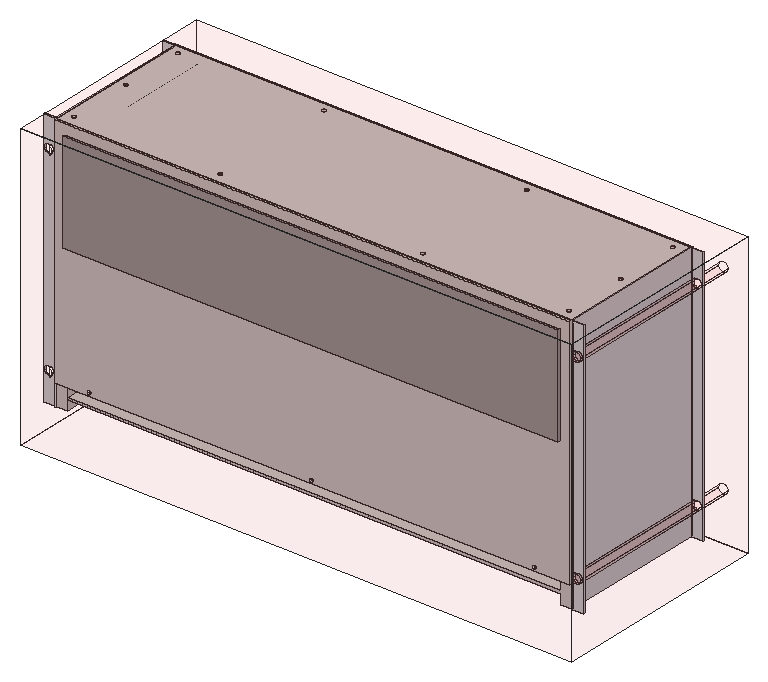
Revit family "Air-Curtain_Vestibule-Except_PoweredAire_CHA", category Mechanical Equipment, host Face, Revit 2023
Family settings
  Host = Face
  Round Connector Dimension = Use Diameter
  Part Type = Normal
  OmniClass Number = 23.75.35.17.21
  OmniClass Title = Air Curtains
  Cut with Voids When Loaded = No
  Maintain Annotation Orientation = No
  Shared = No
  Room Calculation Point = No
Parameters
  Unit Width Notes = "Other Widths available."  # constant formula
  Unit Width = 51.80"
  Unit Weight = 0
  Unit Height = 15.04"
  Unit Depth = 26.01"
  URL = "http://www.poweredaire.com/"
  Specification = ""
  Projection from Host [instance] = 2.00"
  Product Page URL = "https://www.arcat.com/company/powered-aire-inc-47623"
  Power Rating = 0 W
  Nozzle Width = if(1 = 1, Unit Width - 3.00", 0.00")  # 48.80"
  Mounting Width = if(1 = 1, Unit Width - 1.50", 0.00")  # 50.30"
  Mounting Height [instance] = 44.91"
  Motor RPM = 0
  Motor HP = 0
  Motor Count = 0
  Model = "CHA"
  Max Height = 0.00"
  Manufacturer = "Powered Aire, Inc"
  Keynote = "23 34 33"
  Include Clearance [instance] = yes
  Heating Element Load = 0 W
  HVAC_Temperature Rise = 0 °F
  HVAC_Outlet Volume = 0 CFM
  HVAC_Outlet Velocity Uniformity = 0
  HVAC_Outlet Velocity = 0 FPM
  Front Grating Material [instance] = Metal - Steel - PoweredAire - White Perforated
  Frame Finish [instance] = Metal - Steel - PoweredAire - Stainless 304
  Electrical_Wattage [instance] = Power Rating + Heating Element Load  # 0 W
  Electrical_Voltage [instance] = 0 V
  Electrical_Phase [instance] = 1
  Electrical_Frequency [instance] = 0 Hz
  Electrical_Amperage [instance] = 0 A
  Description = ""
  Default Elevation = 0.00"  # constant formula
  Cover Finish [instance] = Metal - Steel - PoweredAire - White
  Copyright = "©Arcat Inc."
  Clearance_Top [instance] = 3.25"
  Clearance_Side B [instance] = 3.1752"
  Clearance_Side A [instance] = 0.50"
  Clearance_Intake [instance] = 3.92354"
  Clearance_Front [instance] = 4.93628"
  Clearance Material [instance] = ARCAT Clearance
  CAD Details = ""
  Assembly Code = "D3090400"
Reference planes (in)
  plane 1 "Center (Elevation)": y = 10.8177
  plane 2: z = 0
  plane 3 "Center (Left/Right)": x = 0
  plane 4: y = 3.04818
  plane 5: z = 28.01
  plane 6 "FF": y = -41.86182
  plane 7: z = 2
  plane 8: x = 25.9
  plane 9: x = -25.9
  plane 10: z = 32.94628
  plane 11: y = 3.29818
  plane 12: y = 18.33722
  plane 13: y = 3.37845
  plane 14: y = 3.37725
  plane 15: x = 29.0752
  plane 16: y = 21.58722
  plane 17: y = -0.62536
  plane 18: x = -26.4
  plane 19: y = 2.99818
  plane 20: z = 28.06
  plane 21: y = 18.33818
Forms (in)
  Extrusion 1, solid, material "Metal - Steel - PoweredAire - Stainless 304"
    sketch origin (0, 10.8177, 0) x (1, 0, 0) y (0, 0, 1)
      loop
        line (25.9, 28.01) -> (-25.9, 28.01) -> (-25.9, 2) -> (25.9, 2) -> (25.9, 28.01)
    from -7.52048 to 7.51952
  Extrusion 2, solid, material "Metal - Steel - PoweredAire - Stainless 304"
    sketch origin (0, 0, 0) x (1, 0, 0) y (0, 1, 0)
      loop
        line (-25.9, 3.29818) -> (-25.9, 3.04818) -> (25.9, 3.04818) -> (25.9, 3.29818) -> (-25.9, 3.29818)
    from 4.25 to 28.01
  Extrusion 3, void
    sketch origin (0, -0.04688, -1) x (0, 1, 0) y (0, 0, 1)
      loop
        line (3.04818, 4) -> (3.04818, 3) -> (4.79818, 3) -> (4.79818, 5.25) -> (3.04818, 5.25) -> (3.04818, 4.25) -> (4.54818, 4.25) -> (4.54818, 4) -> (3.04818, 4)
    from -24.8 to 24.8
  Extrusion 4, solid
    sketch origin (0, 1.18246, 0) x (1, 0, 0) y (0, 1, 0)
      loop
        line (-25.9, 2.29092) -> (-25.9, 16.98052)
        arc (-25.9, 16.98052) -> (-25.95131, 17.10441) -> (-26.0752, 17.15572) r 0.1752
        line (-26.0752, 17.15572) -> (-27.15, 17.15572) -> (-27.15, 17.07572) -> (-26.0752, 17.07572)
        arc (-26.0752, 17.07572) -> (-26.00788, 17.04784) -> (-25.98, 16.98052) r 0.0952
        line (-25.98, 16.98052) -> (-25.98, 2.29119)
        arc (-25.98, 2.29119) -> (-26.00788, 2.22387) -> (-26.0752, 2.19599) r 0.0952
        line (-26.0752, 2.19599) -> (-27.15, 2.19599) -> (-27.15, 2.11572) -> (-26.0752, 2.11572)
        arc (-26.0752, 2.11572) -> (-25.95131, 2.16703) -> (-25.9, 2.29092) r 0.1752
      loop
        arc (25.9, 2.29092) -> (25.95131, 2.16703) -> (26.0752, 2.11572) r 0.1752
        line (26.0752, 2.11572) -> (27.15, 2.11572) -> (27.15, 2.1948) -> (26.0753, 2.1948)
        arc (26.0753, 2.1948) -> (26.00871, 2.22238) -> (25.98113, 2.28896) r 0.09417
        line (25.98113, 2.28896) -> (25.98113, 16.98006)
        arc (25.98113, 16.98006) -> (26.00885, 17.04699) -> (26.07578, 17.07471) r 0.09465
        line (26.07578, 17.07471) -> (27.15, 17.07471) -> (27.15, 17.15572) -> (26.07616, 17.15572)
        arc (26.07616, 17.15572) -> (25.95159, 17.10412) -> (25.9, 16.97956) r 0.17616
        line (25.9, 16.97956) -> (25.9, 2.29092)
    from 2 to 28.01
  Extrusion 5, solid, material "H1"
    sketch origin (0, 9.63572, -1.5) x (1, 0, 0) y (0, 0, 1)
      loop
        line (-24.9, 28.51) -> (-24.9, 18.36) -> (24.9, 18.36) -> (24.9, 28.51) -> (-24.9, 28.51)
    from 6.77683 to 6.58754
  Extrusion 6, solid, material "ARCAT Clearance"
    sketch origin (0, 0, 0) x (1, 0, 0) y (0, 1, 0)
      loop
        line (-26.4, 21.58722) -> (-26.4, -0.62536) -> (29.0752, -0.62536) -> (29.0752, 21.58722) -> (-26.4, 21.58722)
    from 0 to 28.64814
  Extrusion 7, void
    sketch origin (0, 10.8177, 0) x (1, 0, 0) y (0, 0, 1)
      loop
        circle (26.6126, 5) r 0.47
      loop
        circle (26.6126, 25.01) r 0.47
      loop
        circle (-26.6126, 5) r 0.47
      loop
        circle (-26.6126, 25.01) r 0.47
    from -16.24854 to 7.77
  Extrusion 8, solid, material "Metal - Steel - PoweredAire - White"
    sketch origin (0, 10.8177, 0) x (1, 0, 0) y (0, 0, 1)
      loop
        circle (0, 4.61) r 0.14
      loop
        circle (22.41054, 4.61) r 0.14
      loop
        circle (-22.41054, 4.61) r 0.14
    from 7.77 to 7.81952
  Extrusion 9, solid, material "ARCAT Clearance"
    sketch origin (0, 0, 0) x (1, 0, 0) y (0, 1, 0)
      loop
        circle (-24.9, 17.33818) r 0.2
      loop
        circle (-24.9, 10.8177) r 0.2
      loop
        circle (-24.9, 4.29818) r 0.2
      loop
        circle (24.9, 17.33818) r 0.2
      loop
        circle (24.9, 10.8177) r 0.2
      loop
        circle (24.9, 4.29818) r 0.2
      loop
        circle (-10.20137, 17.33818) r 0.2
      loop
        circle (-10.20137, 4.29818) r 0.2
      loop
        circle (10.20137, 17.33818) r 0.2
      loop
        circle (10.20137, 4.29818) r 0.2
    from 28.01 to 28.06
  Extrusion 10, solid, material "Metal - Steel - PoweredAire - Stainless 304"
    sketch origin (0, 0.06872, 0) x (1, 0, 0) y (0, 1, 0)
      loop
        line (-26.0752, 18.26946) -> (26.0752, 18.26946) -> (26.0752, 18.35115) -> (-26.0752, 18.35115) -> (-26.0752, 18.26946)
    from 2 to 28.01
  Extrusion 11, solid, material "Metal - Steel - PoweredAire - White"
    sketch origin (0, 10.8869, 0) x (1, 0, 0) y (0, 0, 1)
      loop
        circle (25.0752, 27.01) r 0.2
      loop
        circle (25.0752, 14.005) r 0.2
      loop
        circle (25.0752, 3) r 0.2
      loop
        circle (-11.0752, 27.01) r 0.2
      loop
        circle (-11.0752, 3) r 0.2
      loop
        circle (-25.0752, 3) r 0.2
      loop
        circle (-25.0752, 14.005) r 0.2
      loop
        circle (-25.0752, 27.01) r 0.2
      loop
        circle (11.0752, 27.01) r 0.2
      loop
        circle (11.0752, 3) r 0.2
    from -7.53297 to -7.58297
Cuts and joins
  Extrusion 3 cuts Extrusion 1
  Extrusion 7 cuts Extrusion 4
  Extrusion 7 cuts Extrusion 6
Dimensions and locks (in)
  "Mounting Height": plane 4 to plane 6 "FF"
  "Projection from Host": plane 7 to level
  "Unit Depth": plane 5 to plane 7
  "Clearance_Front": plane 10 to plane 5
  plane 5 to Extrusion 1 sketch curve = 0.00"
  Extrusion 1 sketch curve to plane 7 = 0.00"
  locked: plane 11 to plane 4 at 0.25
  Extrusion 3 sketch curve to Extrusion 3 sketch curve to Extrusion 3 sketch curve to Extrusion 3 sketch curve = 1.00" locked, 0.25" locked, 1.00" locked
  locked: Extrusion 4 to plane 9 at 1.25
  locked: plane 8 to Extrusion 4 at 1.25
  locked: plane 13 to plane 11 at 0.08027
  locked: plane 14 to plane 11 at 0.07908
  locked: Extrusion 5 to Extrusion 5 at 0.18928
  locked: Extrusion 5 to Extrusion 5 at 10.15
  locked: Extrusion 5 to plane 9 at 1
  locked: plane 8 to Extrusion 5 at 1
  locked: Extrusion 2 to Extrusion 5 at 1
  locked: cut or joined group of Extrusion 1, Extrusion 3 to plane 9 at 1.1
  locked: plane 8 to cut or joined group of Extrusion 1, Extrusion 3 at 1.1
  equal spacing: plane 12, plane 1 "Center (Elevation)", plane 11
  "Clearance_Top": plane 12 to plane 16
  "Clearance_Intake": plane 11 to plane 17
  "Clearance_Side A": plane 18 to plane 9
  "Clearance_Side B": plane 8 to plane 15
  "Unit Width": plane 9 to plane 8
  equal spacing: plane 9, plane 3 "Center (Left/Right)", plane 8
  plane 11 to Extrusion 8 = 0.30"
  plane 4 to plane 19 = 0.05"
  plane 20 to plane 5 = 0.05"
  "Unit Height": plane 21 to plane 11
  locked: Extrusion 10 to Extrusion 10 at 0.08169
  locked: plane 21 to Extrusion 11 at 0.13169
  aligned and locked: plane 2 to host face
  aligned and locked: level to host face
  aligned and locked: plane 8 to Extrusion 2
  aligned and locked: Extrusion 4 to plane 8
  aligned and locked: plane 9 to Extrusion 4
  aligned and locked: plane 11 to Extrusion 2
  aligned and locked: Extrusion 2 to plane 4
  aligned and locked: Extrusion 2 to Extrusion 4
  aligned and locked: Extrusion 2 to cut or joined group of Extrusion 1, Extrusion 3  (x2)
  aligned and locked: plane 11 to Extrusion 4 sketch curve
  aligned and locked: Extrusion 4 sketch curve to plane 11
  aligned and locked: Extrusion 4 to plane 13
  aligned and locked: Extrusion 4 to plane 14
  aligned and locked: Extrusion 4 to plane 7
  aligned and locked: Extrusion 4 to cut or joined group of Extrusion 1, Extrusion 3
  aligned and locked: cut or joined group of Extrusion 1, Extrusion 3 to Extrusion 2
  aligned and locked: Extrusion 6 sketch curve to plane 16
  aligned and locked: plane 17 to Extrusion 6 sketch curve
  aligned and locked: plane 15 to Extrusion 6 sketch curve
  aligned and locked: Extrusion 6 to plane 17
  aligned and locked: plane 16 to Extrusion 6
  aligned and locked: plane 18 to Extrusion 6
  aligned and locked: Extrusion 6 to plane 15
  aligned and locked: Extrusion 5 to Extrusion 2
  aligned and locked: Extrusion 8 to plane 19
  aligned and locked: Extrusion 9 to cut or joined group of Extrusion 1, Extrusion 3
  aligned and locked: Extrusion 9 to plane 20
  aligned and locked: Extrusion 11 to Extrusion 10  (x2)
  aligned and locked: plane 21 to Extrusion 10  (x2)
  aligned and locked: Extrusion 1 to Extrusion 10
  aligned and locked: cut or joined group of Extrusion 1, Extrusion 3 to plane 21
  aligned and locked: cut or joined group of Extrusion 4, Extrusion 7 to Extrusion 10
  aligned and locked: Extrusion 10 to cut or joined group of Extrusion 4, Extrusion 7
  aligned and locked: Extrusion 4 sketch curve to plane 21
  aligned and locked: Extrusion 10 to Extrusion 11
  aligned and locked: Extrusion 10 to cut or joined group of Extrusion 1, Extrusion 3
Automatic sketch dimensions
  host sketch curve to host sketch curve = 96.00"  (x2)
  Extrusion 1 sketch curve to plane 9 = 0.00"
  Extrusion 1 sketch curve to plane 8 = 0.00"
  Extrusion 2 sketch curve to plane 9 = 0.00"
  Extrusion 2 sketch curve to plane 4 = 0.00"
  Extrusion 2 sketch curve to plane 8 = 0.00"
  Extrusion 2 sketch curve to plane 11 = 0.00"
  Extrusion 3 sketch curve to plane 7 = 0.00"
  plane 19 to Extrusion 3 sketch curve = 0.00312"  (x2)
  Extrusion 3 sketch curve to plane 13 = 1.12285"
  Extrusion 3 sketch curve to Extrusion 3 sketch curve = 0.25"
  plane 9 to Extrusion 5 sketch curve = 1.00"
  Extrusion 5 sketch curve to plane 8 = 1.00"
  Extrusion 5 sketch curve to plane 5 = 11.15"
  Extrusion 5 sketch curve to plane 5 = 1.00"
  Extrusion 6 sketch curve to plane 18 = 0.00"
  plane 18 to Extrusion 7 sketch curve = 0.2126"  (x2)
  plane 8 to Extrusion 7 sketch curve = 0.7126"  (x2)
  plane 7 to Extrusion 7 sketch curve = 3.00"  (x2)
  Extrusion 7 sketch curve to plane 5 = 3.00"  (x2)
  Extrusion 8 sketch curve to plane 3 "Center (Left/Right)" = 0.00"
  plane 9 to Extrusion 8 sketch curve = 3.48946"
  Extrusion 8 sketch curve to plane 8 = 3.48946"
  plane 7 to Extrusion 8 sketch curve = 2.61"  (x3)
  plane 1 "Center (Elevation)" to Extrusion 9 sketch curve = 0.00"  (x2)
  plane 9 to Extrusion 9 sketch curve = 1.00"  (x3)
  Extrusion 9 sketch curve to plane 13 = 0.91973"  (x4)
  Extrusion 9 sketch curve to plane 3 "Center (Left/Right)" = 10.20137"  (x2)
  plane 3 "Center (Left/Right)" to Extrusion 9 sketch curve = 10.20137"  (x2)
  Extrusion 9 sketch curve to plane 8 = 1.00"  (x3)
  Extrusion 10 sketch curve to plane 9 = 0.1752"
  plane 8 to Extrusion 10 sketch curve = 0.1752"
  plane 9 to Extrusion 11 sketch curve = 0.8248"  (x3)
  plane 7 to Extrusion 11 sketch curve = 1.00"  (x4)
  Extrusion 11 sketch curve to plane 3 "Center (Left/Right)" = 11.0752"  (x2)
  Extrusion 11 sketch curve to plane 5 = 1.00"  (x4)
  plane 3 "Center (Left/Right)" to Extrusion 11 sketch curve = 11.0752"  (x2)
  Extrusion 11 sketch curve to plane 8 = 0.8248"  (x3)
  Extrusion 11 sketch curve to Extrusion 11 sketch curve = 11.005"  (x2)
  plane 21 to Extrusion 10 sketch curve = 0.00"
  Extrusion 10 sketch curve to Extrusion 10 sketch curve = 0.08169"
  Extrusion 4 sketch curve to plane 13 = 0.00"
  Extrusion 4 sketch curve to plane 9 = 0.00"
  Extrusion 4 sketch curve to plane 8 = 0.00"
  Extrusion 4 sketch curve to plane 14 = 0.00"
  Extrusion 4 sketch curve to plane 9 = 0.08"
  Extrusion 4 sketch curve to plane 13 = 0.09492"
  Extrusion 4 sketch curve to Extrusion 4 sketch curve = 0.00"  (x3)
  Extrusion 4 sketch curve to plane 9 = 0.1752"
  plane 18 to Extrusion 4 sketch curve = 0.75"  (x2)
  plane 8 to Extrusion 4 sketch curve = 0.08113"
  plane 8 to Extrusion 4 sketch curve = 0.1752"
  Extrusion 4 sketch curve to Extrusion 4 sketch curve = 0.0001"
  Extrusion 4 sketch curve to Extrusion 4 sketch curve = 0.09465"
  plane 8 to Extrusion 4 sketch curve = 0.17616"
  Extrusion 4 sketch curve to Extrusion 4 sketch curve = 1.07422"
  Extrusion 4 sketch curve to Extrusion 4 sketch curve = 1.0747"
  plane 21 to Extrusion 4 sketch curve = 0.00"
  Extrusion 4 sketch curve to Extrusion 4 sketch curve = 0.0005"
  plane 12 to Extrusion 9 sketch curve = 0.99904"  (x4)
  radius of Extrusion 7 sketch curve = 0.47"  (x4)
  radius of Extrusion 8 sketch curve = 0.14"  (x3)
  radius of Extrusion 9 sketch curve = 0.20"  (x10)
  radius of Extrusion 11 sketch curve = 0.20"  (x10)
